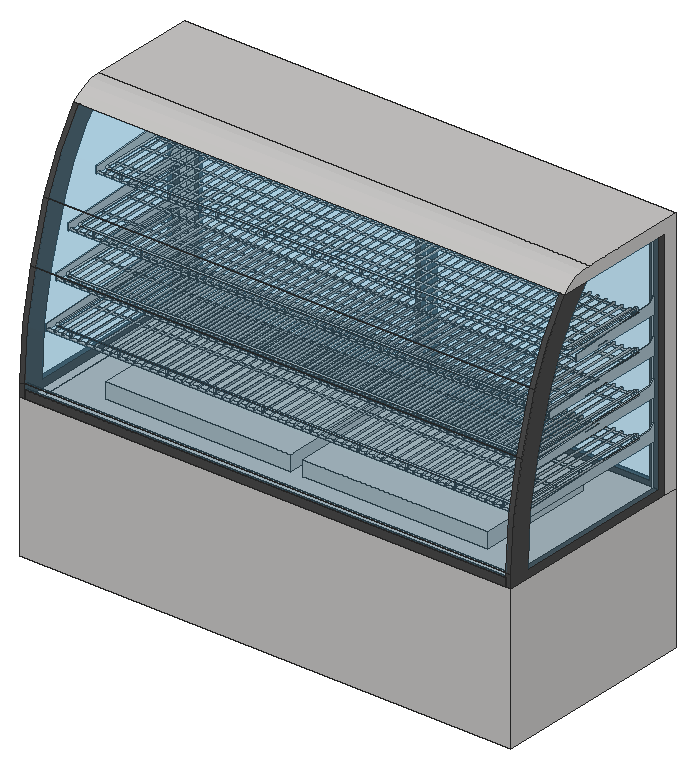
Revit family "QF_FESTIVE_LH15", category Specialty Equipment, Revit 2020
Family settings
  Round Connector Dimension = Use Diameter
  Part Type = Normal
  Work Plane-Based = No
  Always vertical = Yes
  Cut with Voids When Loaded = No
  Shared = No
  Room Calculation Point = No
Parameters (values of type "LH15_220-240/50/1")
  Weight in Kilograms = 205
  Watts = if(Phase = 3, Volts * FL Amps * 1.73, Volts * FL Amps)  # 4026 W
  Volts = 220 V
  URL Cutsheet = ""
  Specification by User = ""
  Specification by Manufacturer = ""
  Shelf Length [instance] = Length - 30 mm  # 1500 mm
  Serial Number = ""
  Seismic Rating = ""
  SMACNA No = ""
  Revision Code = ""
  Phase = 1
  Number of Poles = 1
  NAFEM Spec ID Number = ""
  Model = "LH15"
  Min Ckt Ampacity = 0 A
  Max Overcurrent Protection = 0 A
  Masterspec = ""
  Manufacturer = "FESTIVE"
  Length = 1530 mm
  Item Number = ""
  Installed By = ""
  Identify Quantity as Lot = yes
  Height = 1400 mm
  HP = ""
  Furnished By = ""
  Foodservice Equipment Identifier = yes
  FL Amps = 18.3 A
  Electrical Remarks = ""
  Electric Connection Type = ""
  Elec Conn RI Height = 0 mm
  Elec Conn Connection Height = 0 mm
  Description = "LINCOLN: HEATED"
  Depth = 640 mm
  Default Elevation = 0 mm
  Cycle = 50 Hz
  Conn Plug = "10A Plug"
  Conn Conduit = yes
  CSI MasterFormat = ""
  Base Cover 2 [instance] = Length = 1530 mm  # yes
  Base Cover 1 [instance] = Length < 1201 mm  # no
  Apparent Power = if(Phase = 3, Volts * FL Amps * 1.73, Volts * FL Amps)  # 4026 VA
Reference planes
  plane 1 "BACK": y = 0
  plane 2: z = 0
  plane 3 "LEFT": x = 0
  plane 4 "RIGHT": x = 1530
  plane 5 "FRONT": y = -640
  plane 6 "TOP": z = 1240
  plane 7 "Center Y": x = 765
  plane 8 "Center X": y = -320
  plane 9: z = 470
  plane 10: z = 25.4
  plane 11: x = 40
  plane 12: x = 1490
  plane 13: x = 15
  plane 14: x = 1515
  plane 15: x = 1437.5
  plane 16: x = 92.5
  plane 17: y = 15
Forms (mm)
  Extrusion 1, solid, material "QF_Metal - Stainless - Brushed"
    sketch origin (-6096, 34.743, 25.4) x (0, 1, 0) y (-1, 0, 0)
      loop
        line (-34.743, -6096) -> (-674.743, -6096) -> (-674.743, -7626) -> (-34.743, -7626) -> (-34.743, -7586) -> (-634.743, -7586) -> (-634.743, -6136) -> (-34.743, -6136) -> (-34.743, -6096)
    from 0 to 444.6
  Extrusion 2, solid, material "QF_Metal - Stainless - Brushed"
    sketch origin (-6096, 152.961, 470) x (0, 1, 0) y (-1, 0, 0)
      loop
        line (-152.961, -7626) -> (-152.961, -7586) -> (-192.961, -7586) -> (-192.961, -7626) -> (-152.961, -7626)
      loop
        line (-152.961, -6096) -> (-192.961, -6096) -> (-192.961, -6136) -> (-152.961, -6136) -> (-152.961, -6096)
    from 0 to 770
  Extrusion 3, solid, material "Glass"
    sketch origin (0, 0, 0) x (0, 1, 0) y (0, 0, 1)
      loop
        line (-55, 1200) -> (-343.102, 1200)
        arc (-343.102, 1200) -> (-425.006, 1093.038) -> (-482.383, 971.149) r 632.075
        arc (-482.383, 971.149) -> (-509.905, 886.436) -> (-534.265, 800.759) r 2399.94
        arc (-534.265, 800.759) -> (-564.004, 644.548) -> (-571.576, 485.711) r 1132.811
        line (-571.576, 485.711) -> (-55, 485.711) -> (-55, 1200)
    from 0 to 15
  Extrusion 4, solid, material "Glass"
    sketch origin (1530, 0, 0) x (0, -1, 0) y (0, 0, 1)
      loop
        line (55, 1200) -> (55, 485) -> (574.724, 485)
        arc (574.724, 485) -> (567.049, 644.057) -> (537.168, 800.47) r 1134.026
        arc (537.168, 800.47) -> (513.547, 883.55) -> (486.952, 965.728) r 2401.095
        arc (486.952, 965.728) -> (427.946, 1090.797) -> (343.102, 1200) r 630.727
        line (343.102, 1200) -> (55, 1200)
    from 0 to 15
  Extrusion 5, solid, material "QF_Metal - Stainless - Brushed"
    sketch origin (389.467, 0, -196.242) x (1, 0, 0) y (0, 0, -1)
      loop
        line (1080.695, -399.744) -> (1080.695, -299.744) -> (990.695, -299.744) -> (990.695, -399.744) -> (1080.695, -399.744)
    from 0 to 15
  Extrusion 6, solid, material "QF_Metal - Stainless - Brushed"
    sketch origin (0, 0, 0) x (1, 0, 0) y (0, 0, 1)
      loop
        line (1490, 376.925) -> (40, 376.925) -> (40, 70.07) -> (145, 70.07) -> (145, 31.8) -> (1385, 31.8) -> (1385, 69.875) -> (1490, 69.875) -> (1490, 376.925)
    from 0 to 600
  Extrusion 7, solid
    sketch origin (0, 0, 0) x (-1, 0, 0) y (0, 0, 1)
      loop
        circle (-1375, 36.8) r 5
    from 0 to 3.2
  Extrusion 8, solid, material "QF_Metal - Stainless - Brushed"
    sketch origin (1490, 0, 25.4) x (1, 0, 0) y (0, 0, -1)
      loop
        line (0, -351.525) -> (-1450, -351.525) -> (-1450, -444.6) -> (0, -444.6) -> (0, -351.525)
      loop
        line (0, 0) -> (-1450, 0) -> (-1450, -6.4) -> (0, -6.4) -> (0, 0)
    from 0 to -3.2
  Extrusion 9, solid, material "QF_Plastic - Red - Smooth"
    sketch origin (389.467, 15, -196.242) x (1, 0, 0) y (0, 0, -1)
      loop
        line (1062.495, -336.936) -> (1062.495, -311.419) -> (1053.895, -311.419) -> (1053.895, -336.936) -> (1062.495, -336.936)
      loop
        line (1017.495, -336.936) -> (1017.495, -311.419) -> (1008.895, -311.419) -> (1008.895, -336.936) -> (1017.495, -336.936)
    from 0 to 3.2
  Extrusion 10, solid, material "QF_Plastic - Black - Smooth"
    sketch origin (0, 0, 0) x (0, 1, 0) y (0, 0, 1)
      loop
        line (-40, 470) -> (-40, 1200) -> (-65, 1200) -> (-65, 495) -> (-575, 495) -> (-575, 510)
        arc (-575, 510) -> (-565.502, 656.462) -> (-537.168, 800.47) r 1134.026
        arc (-537.168, 800.47) -> (-513.547, 883.55) -> (-486.952, 965.728) r 2401.095
        arc (-486.952, 965.728) -> (-427.946, 1090.797) -> (-343.102, 1200) r 630.727
        line (-343.102, 1200) -> (-430, 1200)
        arc (-430, 1200) -> (-498.623, 1098.654) -> (-548.424, 986.85) r 695.727
        arc (-548.424, 986.85) -> (-575.739, 902.449) -> (-600, 817.119) r 2466.095
        arc (-600, 817.119) -> (-629.958, 664.856) -> (-640, 510) r 1199.026
        line (-640, 510) -> (-640, 470) -> (-40, 470)
    from 0 to 15
  Extrusion 11, solid, material "QF_Metal - Stainless - Brushed"
    sketch origin (0, 0, 0) x (0, 1, 0) y (0, 0, 1)
      loop
        line (0, 1200) -> (0, 1240) -> (-335, 1240)
        arc (-335, 1240) -> (-386.539, 1229.592) -> (-430, 1200) r 132.813
        line (-430, 1200) -> (0, 1200)
    from 0 to 1530
  Extrusion 12, solid, material "QF_Plastic - Black - Smooth"
    sketch origin (1530, 0, 0) x (0, -1, 0) y (0, 0, 1)
      loop
        line (40, 470) -> (640, 470) -> (640, 510)
        arc (640, 510) -> (629.958, 664.856) -> (600, 817.119) r 1199.026
        arc (600, 817.119) -> (575.739, 902.449) -> (548.424, 986.85) r 2466.095
        arc (548.424, 986.85) -> (498.623, 1098.654) -> (430, 1200) r 695.727
        line (430, 1200) -> (343.102, 1200)
        arc (343.102, 1200) -> (427.946, 1090.797) -> (486.952, 965.728) r 630.727
        arc (486.952, 965.728) -> (513.547, 883.55) -> (537.168, 800.47) r 2401.095
        arc (537.168, 800.47) -> (565.502, 656.462) -> (575, 510) r 1134.026
        line (575, 510) -> (575, 495) -> (65, 495) -> (65, 1200) -> (40, 1200) -> (40, 470)
    from 0 to 15
  Extrusion 13, solid, material "Glass"
    sketch origin (0, 0, 0) x (0, 1, 0) y (0, 0, 1)
      loop
        arc (-548.424, 986.85) -> (-575.739, 902.449) -> (-600, 817.119) r 2466.095
        arc (-600, 817.119) -> (-629.958, 664.856) -> (-640, 510) r 1199.026
        line (-640, 510) -> (-640, 495) -> (-633.6, 495) -> (-633.6, 510)
        arc (-633.6, 510) -> (-623.612, 664.03) -> (-593.814, 815.48) r 1192.626
        arc (-593.814, 815.48) -> (-569.615, 900.588) -> (-542.371, 984.771) r 2459.695
        arc (-542.371, 984.771) -> (-491.755, 1097.827) -> (-421.722, 1200) r 689.327
        line (-421.722, 1200) -> (-430, 1200)
        arc (-430, 1200) -> (-498.623, 1098.654) -> (-548.424, 986.85) r 695.727
    from 15 to 1515
  Extrusion 14, solid, material "QF_Metal - Stainless - Brushed"
    sketch origin (-6096, 34.743, 470) x (0, 1, 0) y (-1, 0, 0)
      loop
        line (-634.743, -6136) -> (-634.743, -7586) -> (-34.743, -7586) -> (-34.743, -6136) -> (-634.743, -6136)
    from 0 to -20
  Extrusion 15, solid, material "QF_Metal - Stainless - Brushed", visible <- "Base Cover 1"
    sketch origin (-6096, 34.743, 470) x (0, 1, 0) y (-1, 0, 0)
      loop
        line (-183.538, -6266) -> (-553.538, -6266) -> (-553.538, -7456) -> (-183.538, -7456) -> (-183.538, -6266)
    from 0 to 47.182
  Extrusion 16, solid, material "QF_Plastic - Black - Smooth"
    sketch origin (15, 0, 0) x (0, 1, 0) y (0, 0, 1)
      loop
        line (-633.6, 495) -> (-640, 495) -> (-640, 470) -> (-633.6, 470) -> (-633.6, 495)
    from 0 to 1500
  Extrusion 17, solid, material "QF_Metal - Stainless - Brushed", visible <- "Base Cover 2"
    sketch origin (-6096, 34.743, 470) x (0, 1, 0) y (-1, 0, 0)
      loop
        line (-183.538, -6266) -> (-553.538, -6266) -> (-553.538, -6841) -> (-183.538, -6841) -> (-183.538, -6266)
      loop
        line (-553.538, -7456) -> (-183.538, -7456) -> (-183.538, -6881) -> (-553.538, -6881) -> (-553.538, -7456)
    from 0 to 47.182
Cuts and joins
  joined: Extrusion 2, Extrusion 11
Lines and regions (mm)
  Split face 1
    outline origin (410.303, 15, -237.471) x (1, 0, 0) y (0, 0, -1)
      loop
        line (1044.859, -381.365) -> (1044.859, -349.447) -> (1029.859, -349.447) -> (1029.859, -381.365) -> (1044.859, -381.365)
  Split face 2
    outline origin (580.021, 15, -155.014) x (-1, 0, 0) y (0, 0, 1)
      loop
        line (-815.141, 298.908) -> (-830.141, 298.908) -> (-830.141, 266.99) -> (-815.141, 266.99) -> (-815.141, 298.908)
  Split face 3
    outline origin (389.467, 15, -196.242) x (1, 0, 0) y (0, 0, -1)
      loop
        arc (1069.445, -393.619) -> (1073.667, -377.428) -> (1069.445, -361.238) r 33.153
        line (1069.445, -361.238) -> (1001.945, -361.238)
        arc (1001.945, -361.238) -> (997.723, -377.428) -> (1001.945, -393.619) r 33.153
        line (1001.945, -393.619) -> (1069.445, -393.619)
  Split face 4
    outline origin (389.467, 15, -196.242) x (1, 0, 0) y (0, 0, -1)
      loop
        arc (1065.695, -388.563) -> (1067.031, -377.507) -> (1065.695, -366.451) r 46.41
        line (1065.695, -366.451) -> (1025.695, -366.451) -> (1025.695, -388.563) -> (1065.695, -388.563)
  symbolic lines
    curve 1: line (0, 0, 1240) -> (1530, 0, 1240)
    curve 2: line (0, -640, 1240) -> (0, 0, 1240)
    curve 3: line (1530, -640, 1240) -> (0, -640, 1240)
    curve 4: line (1530, 0, 1240) -> (1530, -640, 1240)
    curve 5: line (0, -430, 1240) -> (1530, -430, 1240)
    curve 6: line (1515, -430, 1240) -> (1515, -640, 1240)
    curve 7: line (15, -430, 1240) -> (15, -640, 1240)
    curve 8: line (1380.162, 15, 1240) -> (1380.162, 0, 1240)
    curve 9: line (1470.162, 15, 1240) -> (1380.162, 15, 1240)
    curve 10: line (1470.162, 0, 1240) -> (1470.162, 15, 1240)
Dimensions and locks
  equal spacing: plane 3 "LEFT", plane 7 "Center Y", plane 4 "RIGHT"
  "Length": plane 3 "LEFT" to plane 4 "RIGHT"
  equal spacing: plane 5 "FRONT", plane 8 "Center X", plane 1 "BACK"
  "Depth": plane 5 "FRONT" to plane 1 "BACK"
  plane 6 "TOP" to plane 9 to level = 770 mm, 470 mm  (x2)
  plane 1 "BACK" to plane 5 "FRONT" = 640 mm
  locked: plane 11 to plane 3 "LEFT" at 40
  locked: plane 12 to plane 4 "RIGHT" at 40
  locked: plane 3 "LEFT" to plane 13 at 15
  locked: plane 4 "RIGHT" to plane 14 at 15
  locked: plane 5 "FRONT" to nested 5 at 45
  locked: plane 5 "FRONT" to nested 4 at 45
  locked: plane 15 to plane 4 "RIGHT" at 92.5
  locked: plane 16 to plane 3 "LEFT" at 92.5
  plane 1 "BACK" to plane 17 = 15 mm
  Extrusion 17 sketch curve to plane 7 "Center Y" to Extrusion 17 sketch curve = 20 mm locked, 20 mm locked
  locked: plane 7 "Center Y" to nested 9 at 20
  locked: plane 7 "Center Y" to nested 10 at 20
  aligned and locked: level to plane 2
  aligned and locked: Extrusion 1 to plane 9
  aligned and locked: Extrusion 2 to plane 6 "TOP"
  aligned and locked: plane 16 to nested 3
  aligned and locked: plane 16 to nested 4
  aligned and locked: nested 6 to plane 15
  aligned and locked: nested 5 to plane 15
  aligned and locked: Extrusion 1 to Extrusion 8 sketch curve  (x2)
  aligned and locked: Extrusion 8 sketch curve to Extrusion 1  (x2)
  aligned and locked: plane 13 to Extrusion 13
  aligned and locked: Extrusion 13 to plane 14
  aligned and locked: cut or joined group of Extrusion 2, Extrusion 11 to plane 4 "RIGHT"
  aligned and locked: Extrusion 16 to Extrusion 12
  aligned and locked: plane 12 to nested 10
  aligned and locked: plane 11 to nested 9
Automatic sketch dimensions
  Extrusion 1 sketch curve to plane 3 "LEFT" = 0 mm
  plane 5 "FRONT" to Extrusion 1 sketch curve = 0 mm
  Extrusion 1 sketch curve to plane 12 = 0 mm
  Extrusion 1 sketch curve to plane 11 = 0 mm
  plane 1 "BACK" to Extrusion 1 sketch curve = 0 mm  (x2)
  Extrusion 1 sketch curve to plane 4 "RIGHT" = 0 mm
  Extrusion 1 sketch curve to plane 5 "FRONT" = 40 mm
  Extrusion 2 sketch curve to plane 11 = 0 mm
  Extrusion 2 sketch curve to plane 4 "RIGHT" = 0 mm
  Extrusion 2 sketch curve to plane 3 "LEFT" = 0 mm
  Extrusion 2 sketch curve to plane 12 = 0 mm
  plane 1 "BACK" to Extrusion 2 sketch curve = 0 mm  (x2)
  Extrusion 2 sketch curve to Extrusion 2 sketch curve = 40 mm  (x2)
  plane 9 to Extrusion 3 sketch curve = 15.711 mm
  Extrusion 3 sketch curve to plane 5 "FRONT" = 68.424 mm
  Extrusion 3 sketch curve to plane 8 "Center X" = 23.102 mm
  Extrusion 3 sketch curve to plane 6 "TOP" = 40 mm
  plane 1 "BACK" to Extrusion 3 sketch curve = 55 mm
  plane 17 to Extrusion 3 sketch curve = 99.932 mm
  plane 9 to Extrusion 3 sketch curve = 41.322 mm
  Extrusion 3 sketch curve to Extrusion 3 sketch curve = 446.013 mm
  plane 10 to Extrusion 3 sketch curve = 161.959 mm
  Extrusion 3 sketch curve to Extrusion 3 sketch curve = 1225.017 mm
  Extrusion 3 sketch curve to Extrusion 3 sketch curve = 278.715 mm
  Extrusion 3 sketch curve to plane 5 "FRONT" = 105.735 mm
  plane 10 to Extrusion 4 sketch curve = 160.052 mm
  plane 17 to Extrusion 4 sketch curve = 1768.825 mm
  plane 9 to Extrusion 4 sketch curve = 40 mm
  plane 17 to Extrusion 4 sketch curve = 544.026 mm
  plane 17 to Extrusion 4 sketch curve = 94.542 mm
  plane 9 to Extrusion 4 sketch curve = 15 mm
  plane 1 "BACK" to Extrusion 4 sketch curve = 55 mm
  Extrusion 4 sketch curve to plane 8 "Center X" = 23.102 mm
  Extrusion 4 sketch curve to plane 5 "FRONT" = 65.276 mm
  plane 9 to Extrusion 4 sketch curve = 290.763 mm
  Extrusion 4 sketch curve to plane 6 "TOP" = 40 mm
  Extrusion 4 sketch curve to Extrusion 4 sketch curve = 0 mm
  curve 4 to plane 4 "RIGHT" = 0 mm
  curve 6 to plane 14 = 0 mm
  plane 5 "FRONT" to curve 7 = 0 mm
  curve 7 to plane 13 = 0 mm
  curve 3 to plane 3 "LEFT" = 0 mm
  plane 1 "BACK" to curve 1 = 0 mm
  curve 5 to plane 8 "Center X" = 110 mm
  plane 15 to Extrusion 5 sketch curve = 57.338 mm
  plane 12 to Extrusion 5 sketch curve = 19.838 mm
  plane 10 to Extrusion 5 sketch curve = 178.101 mm
  plane 10 to Extrusion 5 sketch curve = 78.101 mm
  Split face 1 sketch curve to Extrusion 5 = 30 mm
  Split face 1 sketch curve to Extrusion 5 = 15 mm
  Split face 1 sketch curve to Extrusion 5 = 40.393 mm
  Split face 1 sketch curve to Extrusion 5 = 8.475 mm
  Extrusion 6 sketch curve to plane 11 = 0 mm
  plane 12 to Extrusion 6 sketch curve = 0 mm
  plane 10 to Extrusion 6 sketch curve = 6.4 mm
  plane 16 to Extrusion 6 sketch curve = 52.5 mm
  plane 15 to Extrusion 6 sketch curve = 52.5 mm
  plane 10 to Extrusion 6 sketch curve = 44.475 mm
  Extrusion 6 sketch curve to Extrusion 6 sketch curve = 38.27 mm
  Extrusion 6 sketch curve to plane 9 = 93.075 mm
  Extrusion 7 sketch curve to Extrusion 6 = 10 mm
  Extrusion 7 sketch curve to Extrusion 6 = 5 mm
  Extrusion 8 sketch curve to Extrusion 1 = 0 mm  (x2)
  Extrusion 1 to Extrusion 8 sketch curve = 93.075 mm
  Extrusion 8 sketch curve to Extrusion 8 sketch curve = 6.4 mm
  Split face 2 sketch curve to Extrusion 5 = 30 mm
  Split face 2 sketch curve to Extrusion 5 = 15 mm
  Split face 2 sketch curve to Extrusion 5 = 8.475 mm
  Split face 2 sketch curve to Split face 2 sketch curve = 31.918 mm
  Split face 3 sketch curve to Extrusion 5 = 11.25 mm  (x4)
  Split face 3 sketch curve to Split face 3 sketch curve = 28.931 mm
  Split face 3 sketch curve to Split face 3 sketch curve = 9.638 mm
  Split face 3 sketch curve to Extrusion 5 = 6.125 mm
  Split face 3 sketch curve to Extrusion 5 = 22.316 mm
  Extrusion 9 sketch curve to Extrusion 5 = 18.2 mm
  Extrusion 9 sketch curve to Extrusion 9 sketch curve = 8.6 mm  (x2)
  Extrusion 9 sketch curve to Extrusion 5 = 26.8 mm
  Extrusion 9 sketch curve to Extrusion 5 = 37.193 mm  (x2)
  Extrusion 9 sketch curve to Extrusion 5 = 11.675 mm  (x2)
  Split face 4 sketch curve to Extrusion 5 = 29.926 mm
  Split face 4 sketch curve to Split face 4 sketch curve = 5.074 mm
  Split face 4 sketch curve to Extrusion 5 = 15 mm  (x2)
  Split face 4 sketch curve to Extrusion 5 = 11.181 mm
  Split face 4 sketch curve to Split face 4 sketch curve = 11.056 mm
  Extrusion 10 sketch curve to Extrusion 10 sketch curve = 0 mm  (x8)
  Extrusion 10 sketch curve to plane 5 "FRONT" = 0 mm
  Extrusion 10 sketch curve to plane 9 = 0 mm
  plane 9 to Extrusion 10 sketch curve = 25 mm
  Extrusion 10 sketch curve to plane 5 "FRONT" = 65 mm
  Extrusion 10 sketch curve to plane 6 "TOP" = 40 mm  (x2)
  Extrusion 10 sketch curve to plane 8 "Center X" = 110 mm
  Extrusion 10 sketch curve to plane 8 "Center X" = 23.102 mm
  plane 1 "BACK" to Extrusion 10 sketch curve = 65 mm
  Extrusion 10 sketch curve to Extrusion 10 sketch curve = 25 mm
  plane 17 to Extrusion 10 sketch curve = 94.542 mm
  plane 9 to Extrusion 10 sketch curve = 40 mm
  Extrusion 10 sketch curve to Extrusion 10 sketch curve = 449.483 mm
  plane 10 to Extrusion 10 sketch curve = 160.052 mm
  Extrusion 10 sketch curve to Extrusion 10 sketch curve = 1224.8 mm
  plane 9 to Extrusion 10 sketch curve = 290.763 mm
  Extrusion 11 sketch curve to plane 6 "TOP" = 0 mm
  Extrusion 11 sketch curve to plane 1 "BACK" = 0 mm
  Extrusion 11 sketch curve to plane 8 "Center X" = 15 mm
  Extrusion 11 sketch curve to plane 6 "TOP" = 40 mm
  Extrusion 11 sketch curve to Extrusion 11 sketch curve = 95 mm
  Extrusion 12 sketch curve to Extrusion 12 sketch curve = 0 mm  (x8)
  Extrusion 12 sketch curve to plane 9 = 0 mm
  Extrusion 12 sketch curve to plane 5 "FRONT" = 0 mm
  plane 9 to Extrusion 12 sketch curve = 25 mm
  Extrusion 12 sketch curve to plane 5 "FRONT" = 65 mm
  Extrusion 12 sketch curve to plane 6 "TOP" = 40 mm  (x2)
  Extrusion 12 sketch curve to plane 8 "Center X" = 110 mm
  Extrusion 12 sketch curve to plane 8 "Center X" = 23.102 mm
  plane 1 "BACK" to Extrusion 12 sketch curve = 65 mm
  Extrusion 12 sketch curve to Extrusion 12 sketch curve = 25 mm
  plane 17 to Extrusion 12 sketch curve = 94.542 mm
  plane 9 to Extrusion 12 sketch curve = 40 mm
  Extrusion 12 sketch curve to Extrusion 12 sketch curve = 449.483 mm
  plane 10 to Extrusion 12 sketch curve = 160.052 mm
  Extrusion 12 sketch curve to Extrusion 12 sketch curve = 1224.8 mm
  plane 9 to Extrusion 12 sketch curve = 290.763 mm
  Extrusion 13 sketch curve to Extrusion 13 sketch curve = 0 mm  (x8)
  Extrusion 13 sketch curve to plane 5 "FRONT" = 0 mm
  Extrusion 13 sketch curve to plane 5 "FRONT" = 6.4 mm
  Extrusion 13 sketch curve to plane 8 "Center X" = 110 mm
  Extrusion 13 sketch curve to Extrusion 13 sketch curve = 8.278 mm
  plane 17 to Extrusion 13 sketch curve = 94.542 mm
  plane 9 to Extrusion 13 sketch curve = 40 mm
  Extrusion 13 sketch curve to Extrusion 13 sketch curve = 449.483 mm
  plane 10 to Extrusion 13 sketch curve = 160.052 mm
  Extrusion 13 sketch curve to Extrusion 13 sketch curve = 1224.8 mm
  Extrusion 13 sketch curve to Extrusion 13 sketch curve = 15 mm
  plane 9 to Extrusion 13 sketch curve = 290.763 mm
  Extrusion 13 sketch curve to plane 6 "TOP" = 40 mm
  Extrusion 14 sketch curve to Extrusion 1 = 0 mm  (x3)
  Extrusion 1 to Extrusion 14 sketch curve = 0 mm
  Extrusion 15 sketch curve to plane 5 "FRONT" = 121.205 mm
  plane 1 "BACK" to Extrusion 15 sketch curve = 148.795 mm
  plane 15 to Extrusion 15 sketch curve = 77.5 mm
  plane 16 to Extrusion 15 sketch curve = 77.5 mm
  Extrusion 16 sketch curve to Extrusion 10 = 0 mm  (x2)
  Extrusion 10 to Extrusion 16 sketch curve = 0 mm
  Extrusion 16 sketch curve to Extrusion 10 = 6.4 mm
  plane 1 "BACK" to curve 10 = 0 mm
  curve 9 to plane 17 = 0 mm
  plane 1 "BACK" to curve 8 = 0 mm
  plane 12 to curve 9 = 19.838 mm
  plane 15 to curve 9 = 57.338 mm
  Extrusion 17 sketch curve to plane 5 "FRONT" = 121.205 mm  (x2)
  plane 1 "BACK" to Extrusion 17 sketch curve = 148.795 mm  (x2)
  plane 15 to Extrusion 17 sketch curve = 77.5 mm
  plane 16 to Extrusion 17 sketch curve = 77.5 mm
  radius of Extrusion 7 sketch curve = 5 mm
Nested families
  nested 1: "PARAMETRIC SHELF" at (15, -40, 866.071), Length <- "Shelf Length", type "PARAMETRIC SHELF"
    with Rail Depth 382 mm, Rail 2 10, No. of Rail 59, Length 1500 mm, Depth 432 mm
  nested 2: "PARAMETRIC SHELF" at (15, -40, 748.214), Length <- "Shelf Length", type "PARAMETRIC SHELF"
    with Rail Depth 430 mm, Rail 2 10, No. of Rail 59, Length 1500 mm, Depth 480 mm
  nested 3: "3 INCHES 01_CASTER" at (92.5, -65, 0), type "3 INCHES 01_CASTER"
    with Type Mark "", Specification by User "", Revision Code "", Item Number "", Installed By "", Identify Quantity as Lot yes, Furnished By "", Foodservice Equipment Identifier yes, 3 Inches Caster yes
  nested 4: "3 INCHES 01_CASTER" at (92.5, -595, 0), type "3 INCHES 01_CASTER"
    with Type Mark "", Specification by User "", Revision Code "", Item Number "", Installed By "", Identify Quantity as Lot yes, Furnished By "", Foodservice Equipment Identifier yes, 3 Inches Caster yes
  nested 5: "3 INCHES 01_CASTER" at (1437.5, -595, 0), type "3 INCHES 01_CASTER"
    with Type Mark "", Specification by User "", Revision Code "", Item Number "", Installed By "", Identify Quantity as Lot yes, Furnished By "", Foodservice Equipment Identifier yes, 3 Inches Caster yes
  nested 6: "3 INCHES 01_CASTER" at (1437.5, -65, 0), type "3 INCHES 01_CASTER"
    with Type Mark "", Specification by User "", Revision Code "", Item Number "", Installed By "", Identify Quantity as Lot yes, Furnished By "", Foodservice Equipment Identifier yes, 3 Inches Caster yes
  nested 7: "PARAMETRIC SHELF" at (15, -40, 978.929), Length <- "Shelf Length", type "PARAMETRIC SHELF"
    with Rail Depth 275 mm, Rail 2 10, No. of Rail 59, Length 1500 mm, Depth 325 mm
  nested 8: "PARAMETRIC SHELF" at (15, -40, 625.357), Length <- "Shelf Length", type "PARAMETRIC SHELF"
    with Rail Depth 470 mm, Rail 2 10, No. of Rail 59, Length 1500 mm, Depth 520 mm
  nested 9: "PARAMETRIC WINDOW" at (40, 0, 0), type "PARAMETRIC WINDOW"
    with Window Assembly yes, Length 745 mm
  nested 10: "PARAMETRIC WINDOW" at (745, -15, 0), type "PARAMETRIC WINDOW"
    with Window Assembly yes, Length 745 mm
Connectors
  electrical at (1375, 3.2, 36.8), driven by "Volts", driven by "Watts"
    settings: on Extrusion 7, index 2, voltage 220 V, apparent load 4026 VA, apparent load phase1 0 VA, apparent load phase2 0 VA, apparent load phase3 0 VA, power factor 1, load classification "Other", number of poles 1, system type 30, power factor state 1, is connector primary yes, connector utility no, sub classification motor no, connector description "ELECTRICAL CONNECTION"
Definition of nested family "PARAMETRIC SHELF"
  Parameters (values of type "PARAMETRIC SHELF")
    Weight in Pounds = 0
    URL Cutsheet = ""
    Specification by User = ""
    Specification by Manufacturer = ""
    Serial Number = ""
    Seismic Rating = ""
    SMACNA No = ""
    Revision Code = ""
    Rail Depth [instance] = Depth - 50 mm  # 367 mm
    Rail 2 [instance] = Length / 150 mm  # 4
    No. of Rail [instance] = Length / 25.4 mm  # 24
    NAFEM Spec ID Number = ""
    Masterspec = ""
    Length [instance] = 600 mm
    Item Number = ""
    Installed By = ""
    Identify Quantity as Lot = yes
    Height = 220 mm
    Furnished By = ""
    Foodservice Equipment Identifier = yes
    Depth [instance] = 417 mm
    Default Elevation = 0 mm
    CSI MasterFormat = ""
  Reference planes
    plane 1 "BACK": y = 0
    plane 2: z = 0
    plane 3 "LEFT": x = 0
    plane 4 "RIGHT": x = 600
    plane 5 "FRONT": y = -417
    plane 6 "TOP": z = 220
    plane 7 "Center Y": x = 300
    plane 8 "Center X": y = -208.5
    plane 9: x = 28.6
    plane 10: x = 571.4
    plane 11: x = 3.2
    plane 12: x = 596.8
  Forms (mm)
    Extrusion 1, solid
      sketch origin (0, -4517, 280.761) x (0, 0, 1) y (0, -1, 0)
        loop
          line (-244.023, -4477) -> (-261.193, -4100) -> (-280.761, -4100) -> (-280.761, -4502.438) -> (-295.323, -4517) -> (-217.773, -4517) -> (-217.773, -4508.448) -> (-244.023, -4477)
      from 0 to 3.2
    Extrusion 2, solid
      sketch origin (600, 0, 0) x (0, -1, 0) y (0, 0, 1)
        loop
          line (40, 36.738) -> (8.552, 62.988) -> (0, 62.988) -> (0, -14.562) -> (14.562, 0) -> (417, 0) -> (417, 19.568) -> (40, 36.738)
      from 0 to 3.2
    Extrusion 3, solid
      sketch origin (3.2, -4572, 62.788) x (0, 0, 1) y (0, -1, 0)
        loop
          circle (-59.788, -4158) r 3
        loop
          circle (-59.788, -4268) r 3
        loop
          circle (-59.788, -4368) r 3
        loop
          circle (-59.788, -4471.515) r 3
        loop
          circle (-59.788, -4519.015) r 3
      from 0 to 593.6
    Extrusion 4, solid
      sketch origin (20.4, -417, 21.873) x (0, 0, 1) y (1, 0, 0)
        loop
          circle (-13.368, 8.2) r 2.5
      from 0 to 367 <- "Rail Depth"
    Extrusion 5, solid
      sketch origin (563.2, -417, 21.873) x (0, 0, 1) y (1, 0, 0)
        loop
          circle (-13.368, 8.2) r 2.5
      from 0 to 367 <- "Rail Depth"
    Extrusion 6, solid
      sketch origin (44, -417, 21.873) x (0, 0, 1) y (1, 0, 0)
        loop
          circle (-13.368, 8.2) r 2.5
      from 0 to 367 <- "Rail Depth"
    Extrusion 7, solid
      sketch origin (67.6, -417, 21.873) x (0, 0, 1) y (1, 0, 0)
        loop
          circle (-13.368, 8.2) r 2.5
      from 0 to 367 <- "Rail Depth"
    Extrusion 8, solid
      sketch origin (91.2, -417, 21.873) x (0, 0, 1) y (1, 0, 0)
        loop
          circle (-13.368, 8.2) r 2.5
      from 0 to 367 <- "Rail Depth"
    Extrusion 9, solid
      sketch origin (114.8, -417, 21.873) x (0, 0, 1) y (1, 0, 0)
        loop
          circle (-13.368, 8.2) r 2.5
      from 0 to 367 <- "Rail Depth"
    Extrusion 10, solid
      sketch origin (138.4, -417, 21.873) x (0, 0, 1) y (1, 0, 0)
        loop
          circle (-13.368, 8.2) r 2.5
      from 0 to 367 <- "Rail Depth"
    Extrusion 11, solid
      sketch origin (162, -417, 21.873) x (0, 0, 1) y (1, 0, 0)
        loop
          circle (-13.368, 8.2) r 2.5
      from 0 to 367 <- "Rail Depth"
    Extrusion 12, solid
      sketch origin (185.6, -417, 21.873) x (0, 0, 1) y (1, 0, 0)
        loop
          circle (-13.368, 8.2) r 2.5
      from 0 to 367 <- "Rail Depth"
    Extrusion 13, solid
      sketch origin (209.2, -417, 21.873) x (0, 0, 1) y (1, 0, 0)
        loop
          circle (-13.368, 8.2) r 2.5
      from 0 to 367 <- "Rail Depth"
    Extrusion 14, solid
      sketch origin (232.8, -417, 21.873) x (0, 0, 1) y (1, 0, 0)
        loop
          circle (-13.368, 8.2) r 2.5
      from 0 to 367 <- "Rail Depth"
    Extrusion 15, solid
      sketch origin (256.4, -417, 21.873) x (0, 0, 1) y (1, 0, 0)
        loop
          circle (-13.368, 8.2) r 2.5
      from 0 to 367 <- "Rail Depth"
    Extrusion 16, solid
      sketch origin (280, -417, 21.873) x (0, 0, 1) y (1, 0, 0)
        loop
          circle (-13.368, 8.2) r 2.5
      from 0 to 367 <- "Rail Depth"
    Extrusion 17, solid
      sketch origin (303.6, -417, 21.873) x (0, 0, 1) y (1, 0, 0)
        loop
          circle (-13.368, 8.2) r 2.5
      from 0 to 367 <- "Rail Depth"
    Extrusion 18, solid
      sketch origin (327.2, -417, 21.873) x (0, 0, 1) y (1, 0, 0)
        loop
          circle (-13.368, 8.2) r 2.5
      from 0 to 367 <- "Rail Depth"
    Extrusion 19, solid
      sketch origin (350.8, -417, 21.873) x (0, 0, 1) y (1, 0, 0)
        loop
          circle (-13.368, 8.2) r 2.5
      from 0 to 367 <- "Rail Depth"
    Extrusion 20, solid
      sketch origin (374.4, -417, 21.873) x (0, 0, 1) y (1, 0, 0)
        loop
          circle (-13.368, 8.2) r 2.5
      from 0 to 367 <- "Rail Depth"
    Extrusion 21, solid
      sketch origin (398, -417, 21.873) x (0, 0, 1) y (1, 0, 0)
        loop
          circle (-13.368, 8.2) r 2.5
      from 0 to 367 <- "Rail Depth"
    Extrusion 22, solid
      sketch origin (421.6, -417, 21.873) x (0, 0, 1) y (1, 0, 0)
        loop
          circle (-13.368, 8.2) r 2.5
      from 0 to 367 <- "Rail Depth"
    Extrusion 23, solid
      sketch origin (445.2, -417, 21.873) x (0, 0, 1) y (1, 0, 0)
        loop
          circle (-13.368, 8.2) r 2.5
      from 0 to 367 <- "Rail Depth"
    Extrusion 24, solid
      sketch origin (468.8, -417, 21.873) x (0, 0, 1) y (1, 0, 0)
        loop
          circle (-13.368, 8.2) r 2.5
      from 0 to 367 <- "Rail Depth"
    Extrusion 25, solid
      sketch origin (492.4, -417, 21.873) x (0, 0, 1) y (1, 0, 0)
        loop
          circle (-13.368, 8.2) r 2.5
      from 0 to 367 <- "Rail Depth"
    Extrusion 26, solid
      sketch origin (516, -417, 21.873) x (0, 0, 1) y (1, 0, 0)
        loop
          circle (-13.368, 8.2) r 2.5
      from 0 to 367 <- "Rail Depth"
    Extrusion 27, solid
      sketch origin (539.6, -417, 21.873) x (0, 0, 1) y (1, 0, 0)
        loop
          circle (-13.368, 8.2) r 2.5
      from 0 to 367 <- "Rail Depth"
    Sweep 28, solid
      path origin (0, 0, 0) x (1, 0, 0) y (0, 1, 0)
        loop
          line (571.4, -70) -> (571.4, -404)
          arc (571.4, -404) -> (568.471, -411.071) -> (561.4, -414) r 10
          line (561.4, -414) -> (38.6, -414)
          arc (38.6, -414) -> (31.529, -411.071) -> (28.6, -404) r 10
          line (28.6, -404) -> (28.6, -70)
      profile origin (571.4, -237, 0) x (1, 0, 0) y (0, 0, 1)
        loop
          circle (0, 23.505) r 2.5
    Sweep 29, solid
      path origin (28.6, -4572, 11.2) x (0, 0, 1) y (0, -1, 0)
        loop
          line (12.305, -4502) -> (12.305, -4509.015)
          arc (12.305, -4509.015) -> (9.376, -4516.086) -> (2.305, -4519.015) r 10
          line (2.305, -4519.015) -> (-0.376, -4519.015)
      profile origin (28.6, -66.493, 23.505) x (0, 0, 1) y (1, 0, 0)
        loop
          circle (0, 0) r 2.5
    Sweep 30, solid
      path origin (571.4, -4572, 11.2) x (0, 0, 1) y (0, -1, 0)
        loop
          line (12.305, -4502) -> (12.305, -4509.015)
          arc (12.305, -4509.015) -> (9.376, -4516.086) -> (2.305, -4519.015) r 10
          line (2.305, -4519.015) -> (-0.376, -4519.015)
      profile origin (571.4, -66.493, 23.505) x (0, 0, -1) y (-1, 0, 0)
        loop
          circle (0, 0) r 2.5
    Extrusion 31, solid
      sketch origin (0, 0, 0) x (1, 0, 0) y (0, 1, 0)
        loop
          circle (75.8, -414.118) r 2
      from 5.989 to 23.272
    Extrusion 32, solid
      sketch origin (448.4, 0, 0) x (1, 0, 0) y (0, 1, 0)
        loop
          circle (75.8, -414.118) r 2
      from 5.989 to 23.272
    Extrusion 33, solid
      sketch origin (149.467, 0, 0) x (1, 0, 0) y (0, 1, 0)
        loop
          circle (75.8, -414.118) r 2
      from 5.989 to 23.272
    Extrusion 34, solid
      sketch origin (298.933, 0, 0) x (1, 0, 0) y (0, 1, 0)
        loop
          circle (75.8, -414.118) r 2
      from 5.989 to 23.272
  Cuts and joins
    joined: Sweep 28, Sweep 29, Sweep 30
  Lines and regions (mm)
    symbolic lines
      curve 1: line (0, 0, 0) -> (600, 0, 0)
      curve 2: line (0, -417, 0) -> (0, 0, 0)
      curve 3: line (600, -417, 0) -> (0, -417, 0)
      curve 4: line (600, 0, 0) -> (600, -417, 0)
  Dimensions and locks
    equal spacing: plane 3 "LEFT", plane 7 "Center Y", plane 4 "RIGHT"
    "Length": plane 3 "LEFT" to plane 4 "RIGHT"
    equal spacing: plane 5 "FRONT", plane 8 "Center X", plane 1 "BACK"
    "Depth": plane 5 "FRONT" to plane 1 "BACK"
    "Height": plane 6 "TOP" to level
    locked: plane 9 to plane 3 "LEFT" at 28.6
    locked: plane 10 to plane 4 "RIGHT" at 28.6
    locked: plane 12 to plane 4 "RIGHT" at 3.2
    locked: plane 11 to plane 3 "LEFT" at 3.2
    equal spacing: group 1, group 3, group 4, group 5, group 6, group 7, group 8, group 9, group 10, group 11, group 12, group 13, group 14, group 15, group 16, group 17, group 18, group 19, group 20, group 21, group 22, group 23, group 24, group 2  (x3)
    plane 1 "BACK" to Extrusion 3 sketch curve to Extrusion 3 sketch curve = 52.985 mm locked, 47.5 mm locked
    locked: Sweep 28 sketch curve to plane 1 "BACK" at 70  (x2)
    equal spacing: group 25, group 27, group 28, group 26  (x3)
    locked: Extrusion 31 to plane 3 "LEFT" at 73.8
    locked: Extrusion 32 to plane 4 "RIGHT" at 73.8
    locked: Extrusion 31 to plane 5 "FRONT" at 2.882
    locked: Extrusion 32 to plane 5 "FRONT" at 2.882
    aligned and locked: level to plane 2
    aligned and locked: Extrusion 3 to plane 12
    aligned and locked: plane 5 "FRONT" to Extrusion 4
    aligned and locked: plane 5 "FRONT" to Extrusion 5
    aligned and locked: plane 10 to Extrusion 5
  Automatic sketch dimensions
    Extrusion 1 sketch curve to plane 1 "BACK" = 0 mm
    Extrusion 1 sketch curve to level = 0 mm
    Extrusion 1 sketch curve to plane 5 "FRONT" = 0 mm
    Extrusion 1 sketch curve to level = 14.562 mm
    level to Extrusion 1 sketch curve = 19.568 mm
    level to Extrusion 1 sketch curve = 36.738 mm
    plane 1 "BACK" to Extrusion 1 sketch curve = 8.552 mm
    Extrusion 1 sketch curve to Extrusion 1 sketch curve = 26.25 mm
    plane 1 "BACK" to Extrusion 1 sketch curve = 14.562 mm
    plane 1 "BACK" to Extrusion 1 sketch curve = 40 mm
    Extrusion 2 sketch curve to plane 1 "BACK" = 0 mm
    Extrusion 2 sketch curve to level = 0 mm
    Extrusion 2 sketch curve to plane 5 "FRONT" = 0 mm
    plane 1 "BACK" to Extrusion 2 sketch curve = 8.552 mm
    plane 1 "BACK" to Extrusion 2 sketch curve = 14.562 mm
    plane 1 "BACK" to Extrusion 2 sketch curve = 40 mm
    Extrusion 2 sketch curve to level = 14.562 mm
    level to Extrusion 2 sketch curve = 19.568 mm
    level to Extrusion 2 sketch curve = 36.738 mm
    Extrusion 2 sketch curve to Extrusion 2 sketch curve = 26.25 mm
    level to Extrusion 3 sketch curve = 3 mm  (x5)
    plane 8 "Center X" to Extrusion 3 sketch curve = 4.5 mm
    Extrusion 3 sketch curve to plane 8 "Center X" = 95.5 mm
    Extrusion 3 sketch curve to plane 5 "FRONT" = 3 mm
    Sweep 28 sketch curve to plane 9 = 0 mm
    Sweep 28 sketch curve to plane 10 = 0 mm
    Sweep 28 sketch curve to plane 5 "FRONT" = 3 mm
    plane 9 to Sweep 28 sketch curve = 10 mm
    Sweep 28 sketch curve to Sweep 28 sketch curve = 10 mm
    profile plane to Sweep 28 sketch curve = 0 mm
    level to Sweep 28 sketch curve = 23.505 mm
    level to Sweep 29 sketch curve = 13.505 mm
    Sweep 29 sketch curve to Sweep 29 sketch curve = 10 mm
    plane 1 "BACK" to Sweep 29 sketch curve = 52.985 mm
    Sweep 29 sketch curve to Sweep 29 sketch curve = 2.68 mm
    Sweep 29 sketch curve to Sweep 29 sketch curve = 7.015 mm
    Sweep 29 sketch curve to plane 9 = 0 mm
    Sweep 29 sketch curve to profile plane = 0 mm
    Sweep 30 sketch curve to profile plane = 0 mm
    profile plane to Sweep 30 sketch curve = 0 mm
    Sweep 30 sketch curve to level = 13.505 mm
    Sweep 30 sketch curve to Sweep 30 sketch curve = 10 mm
    Sweep 30 sketch curve to plane 1 "BACK" = 52.985 mm
    Sweep 30 sketch curve to Sweep 30 sketch curve = 2.68 mm
    Sweep 30 sketch curve to Sweep 30 sketch curve = 7.015 mm
    curve 3 to plane 3 "LEFT" = 0 mm
    curve 3 to plane 4 "RIGHT" = 0 mm
    plane 5 "FRONT" to curve 3 = 0 mm
    plane 1 "BACK" to curve 2 = 0 mm
    radius of Extrusion 4 sketch curve = 2.5 mm
    radius of Extrusion 5 sketch curve = 2.5 mm
    radius of Extrusion 6 sketch curve = 2.5 mm
    radius of Extrusion 7 sketch curve = 2.5 mm
    radius of Extrusion 8 sketch curve = 2.5 mm
    radius of Extrusion 9 sketch curve = 2.5 mm
    radius of Extrusion 10 sketch curve = 2.5 mm
    radius of Extrusion 11 sketch curve = 2.5 mm
    radius of Extrusion 12 sketch curve = 2.5 mm
    radius of Extrusion 13 sketch curve = 2.5 mm
    radius of Extrusion 14 sketch curve = 2.5 mm
    radius of Extrusion 15 sketch curve = 2.5 mm
    radius of Extrusion 16 sketch curve = 2.5 mm
    radius of Extrusion 17 sketch curve = 2.5 mm
    radius of Extrusion 18 sketch curve = 2.5 mm
    radius of Extrusion 19 sketch curve = 2.5 mm
    radius of Extrusion 20 sketch curve = 2.5 mm
    radius of Extrusion 21 sketch curve = 2.5 mm
    radius of Extrusion 22 sketch curve = 2.5 mm
    radius of Extrusion 23 sketch curve = 2.5 mm
    radius of Extrusion 24 sketch curve = 2.5 mm
    radius of Extrusion 25 sketch curve = 2.5 mm
    radius of Extrusion 26 sketch curve = 2.5 mm
    radius of Extrusion 27 sketch curve = 2.5 mm
    radius of Extrusion 3 sketch curve = 3 mm  (x5)
    radius of Sweep 28 sketch curve = 2.5 mm
    radius of Sweep 29 sketch curve = 2.5 mm
    radius of Sweep 30 sketch curve = 2.5 mm
    radius of Extrusion 31 sketch curve = 2 mm
    radius of Extrusion 32 sketch curve = 2 mm
    radius of Extrusion 33 sketch curve = 2 mm
    radius of Extrusion 34 sketch curve = 2 mm
Definition of nested family "3 INCHES 01_CASTER"
  Parameters (values of type "3 INCHES 01_CASTER")
    Weight = ""
    URL Manufacturer = ""
    URL Cutsheet = ""
    URL = ""
    Type Mark [instance] = ""
    Specification by User [instance] = ""
    Specification by Manufacturer = ""
    Serial Number = ""
    Seismic Rating = ""
    SMACNA No = ""
    Revision Code [instance] = ""
    Omniclass Number and Title = ""
    NAFEM Spec ID Number = ""
    Model = ""
    MasterSpec. = ""
    Manufacturer = ""
    Item Number [instance] = ""
    Installed By [instance] = ""
    Identify Quantity as Lot [instance] = yes
    Furnished By [instance] = ""
    Foodservice Equipment Identifier [instance] = yes
    Description = ""
    Default Elevation = 0 mm
    CSI MasterFormat = ""
    CSI Master Format = ""
    Assembly Code = ""
    3 Inches Caster [instance] = yes
  Reference planes
    plane 1: z = 0
    plane 2 "RIGHT": x = 0
    plane 3 "FRONT": y = 0
    plane 4 "TOP": z = 79.375
  Forms (mm)
    Revolve 1, solid, visible <- "3 Inches Caster"
      sketch origin (-49.224, 14.225, -25.504) x (1, 0, 0) y (0, 0, 1)
        loop
          line (18.81, 53.682) -> (18.81, 51.765) -> (20.08, 50.495) -> (21.604, 50.495) -> (21.604, 47.445) -> (31.369, 47.445) -> (31.369, 43.353) -> (34.656, 41.455) -> (35.568, 35.823) -> (34.131, 35.823) -> (34.131, 32.648) -> (34.925, 32.648) -> (34.925, 25.504) -> (63.103, 25.504) -> (63.103, 32.648) -> (63.897, 32.648) -> (63.897, 35.823) -> (62.461, 35.823) -> (63.387, 41.544) -> (66.659, 43.434) -> (66.659, 47.445) -> (77.218, 47.445) -> (77.218, 50.495) -> (78.742, 50.495) -> (80.012, 51.765) -> (80.012, 53.682) -> (18.81, 53.682)
        axis (18.81, 53.682) -> (80.012, 53.682)
      angle from 0 to 360
    Extrusion 2, solid, visible <- "3 Inches Caster"
      sketch origin (-49.224, 34.365, -82.654) x (0, 1, 0) y (0, 0, 1)
        loop
          line (-10.438, 149.046) -> (-10.438, 152.724) -> (-58.291, 152.724) -> (-58.291, 145.096) -> (-46.304, 145.096)
          arc (-46.304, 145.096) -> (-25.478, 142.206) -> (-4.976, 137.538) r 244.683
          arc (-4.976, 137.538) -> (3.212, 134.488) -> (10.725, 130.027) r 48.783
          line (10.725, 130.027) -> (13.034, 133.223)
          arc (13.034, 133.223) -> (6.948, 137.813) -> (0.305, 141.552) r 57.159
          line (0.305, 141.552) -> (2.38, 145.142)
          arc (2.38, 145.142) -> (-3.879, 147.585) -> (-10.438, 149.046) r 43.98
      from 29.809 to 68.639
    Revolve 3, solid, visible <- "3 Inches Caster"
      sketch origin (0, 44.16, -82.55) x (0, 1, 0) y (0, 0, 1)
        loop
          line (-44.16, 161.925) -> (-44.16, 152.62) -> (-23.696, 152.62) -> (-23.696, 161.925) -> (-44.16, 161.925)
        axis (-44.16, 152.62) -> (-44.16, 161.925)
      angle from 0 to 360
    Extrusion 4, solid, visible <- "3 Inches Caster"
      sketch origin (-50.414, 34.365, -44.554) x (0, 1, 0) y (0, 0, 1)
        loop
          line (-58.291, 114.624) -> (-58.291, 106.996) -> (-56.068, 106.996)
          arc (-56.068, 106.996) -> (-40.334, 98.348) -> (-33.282, 81.837) r 27.521
          arc (-33.282, 81.837) -> (-32.335, 75.873) -> (-30.382, 70.158) r 35.169
          arc (-30.382, 70.158) -> (-19.737, 63.435) -> (-9.498, 70.763) r 11.278
          arc (-9.498, 70.763) -> (-9.015, 72.239) -> (-8.655, 73.751) r 18.805
          arc (-8.655, 73.751) -> (-1.855, 86.085) -> (10.869, 92.126) r 22.956
          line (10.869, 92.126) -> (13.034, 95.123)
          arc (13.034, 95.123) -> (6.948, 99.713) -> (0.305, 103.452) r 57.159
          line (0.305, 103.452) -> (2.38, 107.042)
          arc (2.38, 107.042) -> (-3.879, 109.485) -> (-10.438, 110.946) r 43.98
          line (-10.438, 110.946) -> (-10.438, 114.624) -> (-58.291, 114.624)
      from 69.829 to 73.87
    Extrusion 5, solid, visible <- "3 Inches Caster"
      sketch origin (50.414, 34.365, -44.554) x (0, 1, 0) y (0, 0, -1)
        loop
          line (-58.291, -114.624) -> (-10.438, -114.624) -> (-10.438, -110.946)
          arc (-10.438, -110.946) -> (-3.879, -109.485) -> (2.38, -107.042) r 43.98
          line (2.38, -107.042) -> (0.305, -103.452)
          arc (0.305, -103.452) -> (6.948, -99.713) -> (13.034, -95.123) r 57.159
          line (13.034, -95.123) -> (10.869, -92.126)
          arc (10.869, -92.126) -> (-1.855, -86.085) -> (-8.655, -73.751) r 22.956
          arc (-8.655, -73.751) -> (-9.015, -72.239) -> (-9.498, -70.763) r 18.805
          arc (-9.498, -70.763) -> (-19.737, -63.435) -> (-30.382, -70.158) r 11.278
          arc (-30.382, -70.158) -> (-32.335, -75.873) -> (-33.282, -81.837) r 35.169
          arc (-33.282, -81.837) -> (-40.334, -98.348) -> (-56.068, -106.996) r 27.521
          line (-56.068, -106.996) -> (-58.291, -106.996) -> (-58.291, -114.624)
      from 69.829 to 73.87
  Cuts and joins
    joined: Extrusion 2, Extrusion 4, Extrusion 5
  Lines and regions (mm)
    symbolic lines, visible <- "3 Inches Caster"
      curve 1: line (4.767, 41.959, 0) -> (22.622, 31.651, 0)
      curve 2: line (-25.444, -10.369, 0) -> (4.767, 41.959, 0)
      curve 3: line (-7.59, -20.677, 0) -> (-25.444, -10.369, 0)
      curve 4: line (22.622, 31.651, 0) -> (-7.59, -20.677, 0)
  Dimensions and locks
    plane 4 "TOP" to level = 79.375 mm  (x2)
    aligned and locked: level to plane 1
Definition of nested family "PARAMETRIC WINDOW"
  Parameters (values of type "PARAMETRIC WINDOW")
    Window Assembly [instance] = yes
    Weight in Pounds = 0
    URL Cutsheet = ""
    Specification by User = ""
    Specification by Manufacturer = ""
    Serial Number = ""
    Seismic Rating = ""
    SMACNA No = ""
    Revision Code = ""
    NAFEM Spec ID Number = ""
    Masterspec = ""
    Length [instance] = 575 mm
    Item Number = ""
    Installed By = ""
    Identify Quantity as Lot = yes
    Height = 1200 mm
    Furnished By = ""
    Foodservice Equipment Identifier = yes
    Depth = 15 mm
    Default Elevation = 0 mm
    CSI MasterFormat = ""
  Reference planes
    plane 1 "BACK": y = 0
    plane 2: z = 0
    plane 3 "LEFT": x = 0
    plane 4 "RIGHT": x = 575
    plane 5 "FRONT": y = -15
    plane 6 "TOP": z = 1200
    plane 7 "Center Y": x = 287.5
    plane 8 "Center X": y = -7.5
  Forms (mm)
    Extrusion 1, solid, visible <- "Window Assembly"
      sketch origin (-40, 0, 0) x (1, 0, 0) y (0, 0, 1)
        loop
          line (40, 1200) -> (40, 470) -> (615, 470) -> (615, 1200) -> (40, 1200)
        loop
          line (55, 1185) -> (55, 485) -> (600, 485) -> (600, 1185) -> (55, 1185)
      from 0 to 15
    Extrusion 2, solid, visible <- "Window Assembly"
      sketch origin (-40, 0, 0) x (1, 0, 0) y (0, 0, 1)
        loop
          line (55, 1185) -> (55, 485) -> (600, 485) -> (600, 1185) -> (55, 1185)
      from 0 to 15
  Dimensions and locks
    equal spacing: plane 3 "LEFT", plane 7 "Center Y", plane 4 "RIGHT"
    "Length": plane 3 "LEFT" to plane 4 "RIGHT"
    equal spacing: plane 5 "FRONT", plane 8 "Center X", plane 1 "BACK"
    "Depth": plane 5 "FRONT" to plane 1 "BACK"
    "Height": plane 6 "TOP" to level
    aligned and locked: level to plane 2
  Automatic sketch dimensions
    Extrusion 2 sketch curve to plane 6 "TOP" = 15 mm
    Extrusion 1 sketch curve to plane 3 "LEFT" = 0 mm
    plane 4 "RIGHT" to Extrusion 1 sketch curve = 0 mm
    Extrusion 1 sketch curve to plane 6 "TOP" = 0 mm
    plane 4 "RIGHT" to Extrusion 1 sketch curve = 15 mm
    Extrusion 1 sketch curve to plane 6 "TOP" = 15 mm
    Extrusion 1 sketch curve to Extrusion 1 sketch curve = 700 mm
    Extrusion 1 sketch curve to Extrusion 1 sketch curve = 15 mm
    Extrusion 2 sketch curve to Extrusion 2 sketch curve = 700 mm
    plane 3 "LEFT" to Extrusion 2 sketch curve = 15 mm
    plane 4 "RIGHT" to Extrusion 2 sketch curve = 15 mm
    plane 3 "LEFT" to Extrusion 1 sketch curve = 15 mm
